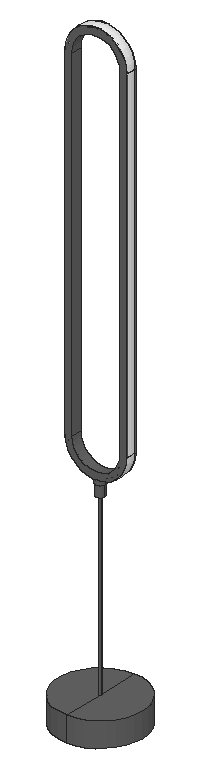
Revit family "AFX-Sienna-LED_Pendant-1", category Lighting Fixtures, host Face, Revit 2021
Family settings
  Host = Face
  Round Connector Dimension = Use Diameter
  Part Type = Normal
  Cut with Voids When Loaded = No
  Light Source = Yes
  Shared = No
  Room Calculation Point = No
Parameters (values of type "SIEP24LAJD1BK")
  Width = 3 1/2"
  Wattage Comments = "19"
  Wattage = 9.2903 W
  built-in parameter 1150110 = 1 (stored number, unit not read)
  Voltage = 120 V
  URL = "https://www.afxinc.com/"
  Type Comments = "Sienna"  # constant formula
  built-in parameter 1114217 = 1 (stored number, unit not read)
  Tilt Angle = -90.00°
  built-in parameter 1150109 = 1 (stored number, unit not read)
  built-in parameter 1150134 = 3
  built-in parameter 1150113 = 1 (stored number, unit not read)
  Support Finish = AFX - Black Steel
  Revit Model Built By = ""
  Product Documentation Link = "https://www.afxinc.com/products/productDetail.cfm?productID=2685"
  Power Factor = 1
  Photometric Web File = "SIEP24LAJD1XX LR37496-H1L.IES"
  Model = "SIEP24LAJD1BK"
  Manufacturer = "AFX Inc"  # constant formula
  built-in parameter 1150105 = 109.82 (stored number, unit not read)
  Lumens = 1380 lm
  built-in parameter 1150115 = 1 (stored number, unit not read)
  built-in parameter 1150137 = (empty or 0)
  built-in parameter 1150139 = (empty or 0)
  Length = 1/2"
  built-in parameter 1150112 = 1 (stored number, unit not read)
  built-in parameter 1150114 = 1 (stored number, unit not read)
  Lamp = "LED"
  Keynote = "12500"
  built-in parameter 1150132 = (empty or 0)
  built-in parameter 1150102 = (empty or 0)
  built-in parameter 1150107 = 3200 (stored number, unit not read)
  built-in parameter 1150138 = (empty or 0)
  built-in parameter 1150106 = 1.0982 (stored number, unit not read)
  Height = 22 3/4"
  Emit from Rectangle Width = 24"
  Emit from Rectangle Length = 48"
  Emit Shape Visible in Rendering = no
  built-in parameter 1150104 = 13.8 (stored number, unit not read)
  Dimming Lamp Color Temperature Shift = <None>
  Diffuser Finish = AFX - White Acrylic
  Description = "LED Pendant - 3 1/2\"W x 1/2\"L x 22 3/4\"H"
  Default Elevation = 48"
  Frame Finish = AFX - Black Steel
  Colour Rendering Index = "90"
  Color Filter = 16777215
  Ceiling Distance [instance] = 10"
  Canopy Finish = AFX - Black Steel
  Cable Finish = AFX - Black Steel
  built-in parameter 1114218 = 1 (stored number, unit not read)
  built-in parameter 1150133 = 10 (stored number, unit not read)
  Assembly Code = "D5020200"
  Apparent Load = 0 VA
Types (3): name | Wattage Comments | Product Documentation Link | Photometric Web File | Model | Height | Description
  (no name) | "19" | "https://www.afxinc.com/products/productDetail.cfm?productID=2685" | "SIEP24LAJD1XX LR37496-H1L.IES" | "SIEP24LAJD1BK" | 22 3/4" | "LED Pendant - 3 1/2\"W x 1/2\"L x 22 3/4\"H"
  SIEP24LAJD1BK | "19" | "https://www.afxinc.com/products/productDetail.cfm?productID=2685" | "SIEP24LAJD1XX LR37496-H1L.IES" | "SIEP24LAJD1BK" | 22 3/4" | "LED Pendant - 3 1/2\"W x 1/2\"L x 22 3/4\"H"
  SIEP12LAJD1BK | "10" | "https://www.afxinc.com/products/productDetail.cfm?productID=2682" | "SIEP12LAJD1XX LR37496-H1S.IES" | "SIEP12LAJD1BK" | 13" | "LED Pendant - 3 1/2\"W x 1/2\"L x 13\"H"
Reference planes (in)
  plane 1 "Center (Front/Back)": y = 0
  plane 2: z = 0
  plane 3 "Center (Left/Right)": x = 0
  plane 4: y = 2.3622
  plane 5: y = -2.3622
  plane 6: x = -2.3622
  plane 7: x = 2.3622
  plane 8: x = -1.77296
  plane 9: x = 1.77296
  plane 10: y = 0.29528
  plane 11: y = -0.29528
  plane 12: z = 34.94534
  plane 13: z = 12.19534
  plane 14: z = 23.57034
  plane 15: z = 1.37795
  plane 16: z = 11.37795
Forms (in)
  Revolve 1, solid, material "AFX - Black Steel" <- "Canopy Finish"
    sketch origin (0, 0, 0) x (0, 1, 0) y (0, 0, 1)
      loop
        line (-2.3622, 0) -> (0, 0) -> (0, 1.37795) -> (-2.3622, 1.37795) -> (-2.3622, 0)
      axis (0, 1.37795) -> (0, 0)
    angle from 0 to 360
  Sweep 2, solid, material "AFX - Black Steel" <- "Frame Finish"
    path origin (0, -22.38944, 45.38944) x (1, 0, 0) y (0, 0, -1)
      loop
        arc (-1.72976, 12.21766) -> (0, 10.4879) -> (1.72976, 12.21766) r 1.72976
        line (1.72976, 12.21766) -> (1.72976, 31.42054)
        arc (1.72976, 31.42054) -> (0, 33.1503) -> (-1.72976, 31.42054) r 1.72976
        line (-1.72976, 31.42054) -> (-1.72976, 12.21766)
    profile origin (-1.72976, -22.38944, 23.57034) x (0, 1, 0) y (-1, 0, 0)
      loop
        arc (22.68471, 0) -> (22.63148, -0.01728) -> (22.59096, -0.05589) r 0.12612
        line (22.59096, -0.05589) -> (22.59096, -0.31496) -> (22.18791, -0.31496) -> (22.18791, -0.05589)
        arc (22.18791, -0.05589) -> (22.1474, -0.01728) -> (22.09416, 0) r 0.12612
        line (22.09416, 0) -> (22.09416, -0.3937) -> (22.68471, -0.3937) -> (22.68471, 0)
  Sweep 3, solid, material "AFX - White Acrylic" <- "Diffuser Finish"
    path origin (0, -22.38944, 45.38944) x (1, 0, 0) y (0, 0, -1)
      loop
        arc (-1.72976, 12.21766) -> (0, 10.4879) -> (1.72976, 12.21766) r 1.72976
        line (1.72976, 12.21766) -> (1.72976, 31.42054)
        arc (1.72976, 31.42054) -> (0, 33.1503) -> (-1.72976, 31.42054) r 1.72976
        line (-1.72976, 31.42054) -> (-1.72976, 12.21766)
    profile origin (-1.72976, -22.38944, 23.57034) x (0, 1, 0) y (-1, 0, 0)
      loop
        arc (22.67161, -0.00189) -> (22.38944, 0.0432) -> (22.10727, -0.00189) r 0.90538
        arc (22.10727, -0.00189) -> (22.15299, -0.02084) -> (22.18791, -0.05589) r 0.12629
        line (22.18791, -0.05589) -> (22.18791, -0.11839)
        arc (22.18791, -0.11839) -> (22.38944, -0.07399) -> (22.59096, -0.11839) r 0.47955
        line (22.59096, -0.11839) -> (22.59096, -0.05589)
        arc (22.59096, -0.05589) -> (22.62589, -0.02084) -> (22.67161, -0.00189) r 0.12629
  Revolve 4, solid, material "AFX - Black Steel" <- "Support Finish"
    sketch origin (0, 0, 0) x (1, 0, 0) y (0, 0, 1)
      loop
        line (-0.25439, 12.00787) -> (-0.25439, 11.37795) -> (0, 11.37795) -> (0, 12.26618) -> (-0.29376, 12.26618) -> (-0.29376, 12.00787) -> (-0.25439, 12.00787)
      axis (0, 12.26618) -> (0, 11.37795)
    angle from 0 to 360
  Extrusion 5, solid, material "AFX - Black Steel" <- "Cable Finish"
    sketch origin (0, 0, 0) x (1, 0, 0) y (0, 1, 0)
      loop
        circle (0, 0) r 0.05859
    from 1.37795 to 11.37795
Lines and regions (in)
  symbolic lines, detail levels medium+fine
    curve 1: circle (0, 0, 0) r 2.3622 normal (0, 0, 1)
  symbolic lines, style "LightingFixturesHiddenLines", detail levels medium+fine
    curve 2: line (-1.72976, 0.29528, 0) -> (1.72976, 0.29528, 0)
    curve 3: line (-1.72976, -0.29528, 0) -> (1.72976, -0.29528, 0)
    curve 4: arc (-1.72976, -0.29528, 0) -> (-1.77296, 0, 0) -> (-1.72976, 0.29528, 0) r 1.03067
    curve 5: arc (1.72976, 0.29528, 0) -> (1.77296, 0, 0) -> (1.72976, -0.29528, 0) r 1.03067
Dimensions and locks (in)
  equal spacing: plane 11, plane 1 "Center (Front/Back)", plane 10, locked at 0.29528 each
  equal spacing: plane 4, plane 1 "Center (Front/Back)", plane 5
  plane 4 to plane 5 = 4.72441"
  equal spacing: plane 8, plane 3 "Center (Left/Right)", plane 9, locked at 1.77296 each
  plane 6 to plane 7 = 4.72441"
  equal spacing: plane 12, plane 14, plane 13
  "Height": plane 12 to plane 13
  locked: plane 12 to Sweep 2 sketch curve at 1.77356
  locked: Sweep 2 sketch curve to plane 13 at 1.77356
  locked: plane 12 to Sweep 3 sketch curve at 1.77356
  locked: Sweep 3 sketch curve to plane 13 at 1.77356
  locked: plane 15 to plane 2 at 1.37795
  locked: plane 13 to plane 16 at 0.81738
  "Ceiling Distance": plane 16 to plane 15
  Revolve 4 sketch curve to plane 13 to Revolve 4 sketch curve = 0.07084" locked, 0.18746" locked
  plane 3 "Center (Left/Right)" to Revolve 4 sketch curve to Revolve 4 sketch curve = 0.25439" locked, 0.03937" locked
  aligned and locked: plane 2 to host face
  aligned and locked: plane 3 "Center (Left/Right)" to Sweep 2 sketch curve
  aligned and locked: plane 3 "Center (Left/Right)" to Sweep 3 sketch curve  (x2)
  aligned and locked: Revolve 1 sketch curve to plane 15
  aligned and locked: plane 2 to Revolve 1 sketch curve
  aligned and locked: Revolve 4 sketch curve to plane 16
  aligned and locked: Extrusion 5 to plane 15
  aligned and locked: plane 16 to Extrusion 5
  aligned and locked: imposter light to plane 14
  aligned and locked: imposter light to plane 3 "Center (Left/Right)"
Automatic sketch dimensions
  host sketch curve to host sketch curve = 96"  (x2)
  Revolve 1 sketch curve to plane 5 = 0"
  Revolve 1 sketch curve to plane 1 "Center (Front/Back)" = 0"  (x2)
  Revolve 1 sketch curve to Revolve 1 sketch curve = 3.2815"
  Revolve 1 sketch curve to Revolve 1 sketch curve = 4.09055"
  Sweep 2 sketch curve to plane 8 = 0.0432"
  Sweep 2 sketch curve to profile plane = 0"  (x2)
  profile plane to Sweep 2 sketch curve = 0.12561"  (x2)
  profile plane to Sweep 2 sketch curve = 22.08281"
  Sweep 2 sketch curve to Sweep 2 sketch curve = 0.01135"  (x2)
  Sweep 2 sketch curve to Sweep 2 sketch curve = 3/32"  (x2)
  Sweep 2 sketch curve to Sweep 2 sketch curve = 0.40305"
  profile plane to Sweep 2 sketch curve = 0.31496"
  Sweep 2 sketch curve to Sweep 2 sketch curve = 0.07874"
  Sweep 3 sketch curve to plane 8 = 0.0432"
  profile plane to Sweep 3 sketch curve = 0.12577"
  profile plane to Sweep 3 sketch curve = 22.08271"
  profile plane to Sweep 3 sketch curve = 0.05589"  (x2)
  Sweep 3 sketch curve to Sweep 3 sketch curve = 0.1052"  (x2)
  Sweep 3 sketch curve to Sweep 3 sketch curve = 0.20153"
  Sweep 3 sketch curve to Sweep 3 sketch curve = 0"
  profile plane to Sweep 3 sketch curve = 0.11839"
  Sweep 3 sketch curve to Sweep 3 sketch curve = 0.40305"
  Sweep 3 sketch curve to Sweep 3 sketch curve = 0.43515"
  Sweep 3 sketch curve to Sweep 3 sketch curve = 0.30864"
  Sweep 3 sketch curve to Sweep 3 sketch curve = 0.00738"
  profile plane to Sweep 3 sketch curve = 0.00189"
  Revolve 4 sketch curve to plane 3 "Center (Left/Right)" = 0"  (x2)
  Revolve 4 sketch curve to Revolve 4 sketch curve = 0.64249"
  Revolve 4 sketch curve to Revolve 4 sketch curve = 0.80375"
  plane 1 "Center (Front/Back)" to Extrusion 5 sketch curve = 0"
  Extrusion 5 sketch curve to plane 3 "Center (Left/Right)" = 0"
  curve 2 to plane 10 = 0"
  plane 11 to curve 3 = 0"
  plane 1 "Center (Front/Back)" to curve 4 = 0"
  plane 1 "Center (Front/Back)" to curve 1 = 0"
  curve 1 to plane 3 "Center (Left/Right)" = 0"
  plane 1 "Center (Front/Back)" to curve 5 = 0"
  curve 4 to curve 1 = 0.74229"
  curve 3 to plane 8 = 0.0432"
  plane 3 "Center (Left/Right)" to curve 5 = 0.74229"
  curve 2 to plane 9 = 0.0432"
  radius of Extrusion 5 sketch curve = 15/256"
  radius of curve 1 = 2.3622"
Connectors (in)
  electrical at (0, 0, 0), driven by "Voltage", driven by "Apparent Load", driven by "Power Factor"
    settings: on Revolve 1, index 1, voltage 120 V, apparent load 0 VA, apparent load phase1 0 VA, apparent load phase2 0 VA, apparent load phase3 0 VA, power factor 1, load classification "Lighting", number of poles 1, system type 31, power factor state 1, is connector primary yes, connector utility no, sub classification motor no, connector description ""
